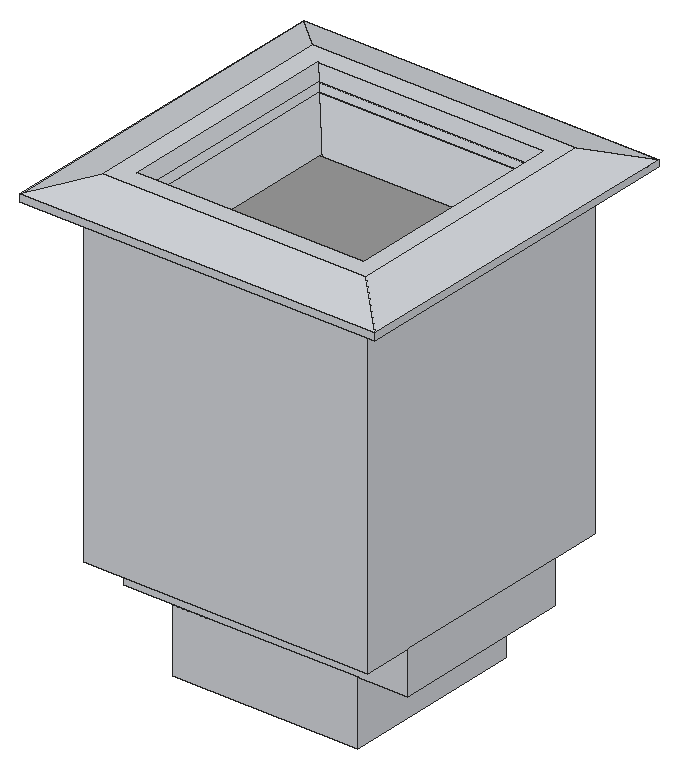
Revit family "2061326 Sylvania Lighting Fixture DOMINO 1xLED 930 BLACK MB TRIM WHITE DALI", category Lighting Fixtures, host Face, Revit 2018
Family settings
  Host = Face
  Round Connector Dimension = Use Diameter
  Part Type = Normal
  OmniClass Number = 23.80.70.00
  OmniClass Title = Lighting
  Cut with Voids When Loaded = No
  Light Source = Yes
  Shared = No
  Room Calculation Point = No
Parameters (values of type "2061326 DOMINO 1XLED 930 BLACK MB TR WHT DALI")
  top top width = 15.812 mm
  top top length = 26 mm
  Width = 50 mm
  Weight = "n/a"
  Wattage Comments = ""
  Wattage = 9.2903 W
  WarrantyStartDate [instance] = "n/a"
  WarrantyGuarantorParts = "n/a"
  WarrantyDurationUnit = "n/a"
  WarrantyDurationParts = ""
  WarrantyDescription = "http://www.sylvania-lighting.com"
  built-in parameter 1150110 = 1 (stored number, unit not read)
  Voltage = 0 V
  URL = "0.96"
  TypeName = "DOMINO 1xLED 930 BLACK MB TRIM WHITE DALI"
  Type Image = <None>
  Type Comments = "n/a"
  built-in parameter 1114217 = 1 (stored number, unit not read)
  Top Width = 26 mm
  Tilt Angle = 90.00°
  built-in parameter 1150109 = 1 (stored number, unit not read)
  built-in parameter 1150134 = 3
  built-in parameter 1150113 = 1 (stored number, unit not read)
  SerialNumber [instance] = "n/a"
  Recessed Width = 43 mm
  Recessed Length = 43 mm
  Photometric Web File = "2061326.ies"
  Material_3_FEILO = none
  PowerFactor = 0
  PowerConsumption = "Lighting"
  NominalLength = 50 mm
  NominalHeight = 0 mm
  NominalDepth = 0 mm
  Name = "DOMINO 1xLED 930 BLACK MB TRIM WHITE DALI"
  ModelReference = Name  # "DOMINO 1xLED 930 BLACK MB TRIM WHITE DALI"
  ModelNumber = "2061326"
  Model = Name  # "DOMINO 1xLED 930 BLACK MB TRIM WHITE DALI"
  Material = "Feilo Sylvania"
  ManufacturerName = "44 lm/W"
  Manufacturer = ""
  LuminousEfficacy = ""
  built-in parameter 1150105 = 109.82 (stored number, unit not read)
  Lumens = 1380 lm
  LuminaireType = "0"
  built-in parameter 1150115 = 1 (stored number, unit not read)
  LightOutputRatio = "LED"
  built-in parameter 1150137 = (empty or 0)
  built-in parameter 1150139 = (empty or 0)
  Lens inside recess = 25 mm
  Lens Width = 32 mm
  Lens Outside recess = 31.978 mm
  Lens = Glass, White, High Luminance
  Length = 50 mm
  LampsType = Lamp  # "n/a"
  LampNominalLuminous = "3000 K"
  LampMacAdamStep = "90"
  LampColourTemperature = "LED"
  LampColourRenderingIndex = "16500"
  built-in parameter 1150112 = 1 (stored number, unit not read)
  built-in parameter 1150114 = 1 (stored number, unit not read)
  Lamp = "n/a"
  Keynote = "n/a"
  InstallationDate [instance] = "n/a"
  InputVoltage = "0"
  InputNominalFrequency = "3000"
  built-in parameter 1150132 = (empty or 0)
  built-in parameter 1150102 = (empty or 0)
  built-in parameter 1150107 = 3200 (stored number, unit not read)
  built-in parameter 1150138 = (empty or 0)
  IngressProtection = "IfcLightFixtureType"
  ImpactProtectionIndex = "IfcLightFixtureType"
  built-in parameter 1150106 = 1.0982 (stored number, unit not read)
  IfcExportType = "IfcLightFixtureType"
  IfcExportAs = "Class II"
  Facia internal width = 37 mm
  Facia internal length = 37 mm
  Facia Height = 2 mm
  ExpectedLife = 50000
  Emit from Circle Diameter = 609.6 mm
  Emit Shape Visible in Rendering = no
  ElectricShockClassification = "44"
  built-in parameter 1150104 = 13.8 (stored number, unit not read)
  DurationUnit = "hours"
  DocumentationLiterature = "http://www.sylvania-lighting.com/product/en-int/products/2061326"
  DimmingControlOptions = "n/a"
  Material_2_FEILO = none
  Dimming Lamp Color Temperature Shift = <None>
  Description = "Modular LED recessed linear spotlight, ideal for retail and hospitality applications. Die-cast aluminium body, passive cooling. Two levels of reflector installation, low glaring UGR<16. 1x LED source, 30° beam angle , optics: PMMA lens and polycarbonate reflector combination, Black matt reflector finish. Light color temperature: 3000K warm white, total system power: 4W , total fixture lumen output: 175lm, efficacy: 44 lm/W, Ra90 typical, LED chromacity: 3 step MacAdam ellipse (SDCM3), lifespan: 96,000 hours at 90% of the original output (L90B10), IR/UV free light source without heat radiation, operating voltage: 220-240V / 50-60Hz, electronic driver, ultra low flicker, DALI , electrical protection: Class II. Degree of Protection: IP40/IP20, suitable for indoor environment only. Ceiling cut-out: 43x43mm, outer dimensions:  50x50mm trim frame RAL 9016 - Traffic white / Bezel color.5 years Warranty."
  Default Elevation = 1219.2 mm
  CreatedOn = "09/02/2021"
  CreatedBy = "@sylvania-lighting.com"
  Cost = 0
  Color Filter = 16777215
  built-in parameter 1114216 [instance] = (empty or 0)
  ClassificationValue = "EF_70_80"
  ClassificationName = "Uniclass2015"
  Material_1_FEILO = none
  Body Width = 40 mm
  Body Length = 40 mm
  BarCode [instance] = "n/a"
  built-in parameter 1114218 = 1 (stored number, unit not read)
  built-in parameter 1150133 = 10 (stored number, unit not read)
  AssetType = "Fixed"
  AssetIdentifier [instance] = "n/a"
  Assembly Code = "D5020200"
  Apparent Load = 4 VA
  Material_4_FEILO = none
Reference planes
  plane 1 "Center (Front/Back)": y = 0
  plane 2: z = 0
  plane 3 "Center (Left/Right)": x = 0
  plane 4: z = 0
  plane 5: z = -7
  plane 6: z = -45.895
  plane 7: z = -51.895
  plane 8: z = -60.895
  plane 9: x = -21.5
  plane 10: x = 21.5
  plane 11: y = 21.5
  plane 12: y = -21.5
  plane 13: x = -25
  plane 14: x = 25
  plane 15: y = 25
  plane 16: y = -25
  plane 17: x = 18.5
  plane 18: x = -18.5
  plane 19: y = 18.5
  plane 20: y = -18.5
  plane 21: z = 2
  plane 22: x = -20
  plane 23: x = 20
  plane 24: y = 20
  plane 25: y = -20
  plane 26: y = 13
  plane 27: y = -13
  plane 28: y = 16
  plane 29: y = -16
  plane 30: x = 13
  plane 31: x = -13
  plane 32: x = -15.772
  plane 33: x = 16.206
  plane 34: y = 12.5
  plane 35: y = -12.5
  plane 36: x = -12.5
  plane 37: x = 12.5
Forms (mm)
  Extrusion 1, solid, not visible, detail levels medium+fine
    sketch origin (4.2, 0, 0) x (1, 0, 0) y (0, 1, 0)
      loop
        line (-29.2, 34.5) -> (-29.2, -34.5) -> (20.8, -34.5) -> (20.8, 34.5) -> (-29.2, 34.5)
    from 0 to 1
  Extrusion 2, solid, not visible, detail levels medium+fine
    sketch origin (4.044, 0, 0) x (1, 0, 0) y (0, 1, 0)
      loop
        line (-29.2, 34.5) -> (-29.2, -34.5) -> (20.8, -34.5) -> (20.8, 34.5) -> (-29.2, 34.5)
    from 0 to 1
  Blend 3, solid, not visible, detail levels medium+fine
    base sketch origin (4.2, 0, 0) x (1, 0, 0) y (0, 1, 0)
      loop
        line (-29.2, 34.5) -> (-29.2, -34.5) -> (20.8, -34.5) -> (20.8, 34.5) -> (-29.2, 34.5)
    top sketch origin (4.2, 0, 0) x (1, 0, 0) y (0, 1, 0)
      loop
        line (-21.7, 28) -> (-21.7, -28) -> (13.3, -28) -> (13.3, 28) -> (-21.7, 28)
    from 1 to 3
  Extrusion 4, solid, not visible, detail levels medium+fine
    sketch origin (3.419, 0, 0) x (1, 0, 0) y (0, 1, 0)
      loop
        line (-29.2, 34.5) -> (-29.2, -34.5) -> (20.8, -34.5) -> (20.8, 34.5) -> (-29.2, 34.5)
    from 0 to 1
  Blend 5, solid, not visible, detail levels medium+fine
    base sketch origin (3.575, 0, 0) x (1, 0, 0) y (0, 1, 0)
      loop
        line (-29.2, 34.5) -> (-29.2, -34.5) -> (20.8, -34.5) -> (20.8, 34.5) -> (-29.2, 34.5)
    top sketch origin (3.575, 0, 0) x (1, 0, 0) y (0, 1, 0)
      loop
        line (-21.7, 28) -> (-21.7, -28) -> (13.3, -28) -> (13.3, 28) -> (-21.7, 28)
    from 1 to 3
  Extrusion 6, solid, not visible, detail levels medium+fine
    sketch origin (4.247, 0, 0) x (1, 0, 0) y (0, 1, 0)
      loop
        line (-29.2, 34.5) -> (-29.2, -34.5) -> (20.8, -34.5) -> (20.8, 34.5) -> (-29.2, 34.5)
    from 0 to 1
  Blend 7, solid, not visible, detail levels medium+fine
    base sketch origin (4.403, 0, 0) x (1, 0, 0) y (0, 1, 0)
      loop
        line (-29.2, 34.5) -> (-29.2, -34.5) -> (20.8, -34.5) -> (20.8, 34.5) -> (-29.2, 34.5)
    top sketch origin (4.403, 0, 0) x (1, 0, 0) y (0, 1, 0)
      loop
        line (-21.7, 28) -> (-21.7, -28) -> (13.3, -28) -> (13.3, 28) -> (-21.7, 28)
    from 1 to 3
  Extrusion 8, void, detail levels medium+fine
    sketch origin (4.2, 0, 0) x (0, 1, 0) y (1, 0, 0)
      loop
        line (21.5, -25.7) -> (21.5, 17.3) -> (-21.5, 17.3) -> (-21.5, -25.7) -> (21.5, -25.7)
    from -9.934 to 83.097
  Extrusion 9, solid, detail levels medium+fine
    sketch origin (4.2, 0, 0) x (1, 0, 0) y (0, 1, 0)
      loop
        line (-29.2, 25) -> (-29.2, -25) -> (20.8, -25) -> (20.8, 25) -> (-29.2, 25)
    from 0 to 1
  Extrusion 10, solid, detail levels medium+fine
    sketch origin (4.2, 0, 0) x (1, 0, 0) y (0, 1, 0)
      loop
        line (-24.2, 20) -> (-24.2, -20) -> (15.8, -20) -> (15.8, 20) -> (-24.2, 20)
    from 0 to -45.895
  Extrusion 11, solid, detail levels medium+fine
    sketch origin (4.2, 0, 0) x (1, 0, 0) y (0, 1, 0)
      loop
        line (-24.2, 13) -> (-24.2, -13) -> (15.8, -13) -> (15.8, 13) -> (-24.2, 13)
    from -51.895 to -45.895
  Extrusion 12, solid, material "Glass, White, High Luminance" <- "Lens", detail levels fine
    sketch origin (13.547, 1218.849, 36.156) x (1, 0, 0) y (0, 1, 0)
      loop
        line (-26.047, -1206.7) -> (-26.047, -1231.7) -> (-1.047, -1231.7) -> (-1.047, -1206.7) -> (-26.047, -1206.7)
    from -43.156 to -42.182
  Blend 13, solid, detail levels medium+fine
    base sketch origin (4.2, 0, 0) x (1, 0, 0) y (0, 1, 0)
      loop
        line (-29.2, 25) -> (-29.2, -25) -> (20.8, -25) -> (20.8, 25) -> (-29.2, 25)
    top sketch origin (4.2, 0, 0) x (1, 0, 0) y (0, 1, 0)
      loop
        line (-22.7, 18.5) -> (-22.7, -18.5) -> (14.3, -18.5) -> (14.3, 18.5) -> (-22.7, 18.5)
    from 1 to 3
  Extrusion 14, solid, detail levels fine
    sketch origin (0, 0, 0) x (1, 0, 0) y (0, 0, 1)
      loop
        line (-13, -51.895) -> (-13, -60.895) -> (13, -60.895) -> (13, -51.895) -> (-13, -51.895)
    from -13 to 13
  Blend 15, void, detail levels medium+fine
    base sketch origin (4.2, 0, 0) x (0, 1, 0) y (-1, 0, 0)
      loop
        line (16, 19.972) -> (-16, 19.972) -> (-16, -12.006) -> (16, -12.006) -> (16, 19.972)
    top sketch origin (4.2, 0, 0) x (0, 1, 0) y (-1, 0, 0)
      loop
        line (12.5, 16.7) -> (-12.5, 16.7) -> (-12.5, -8.3) -> (12.5, -8.3) -> (12.5, 16.7)
    from 3 to -7
  Extrusion 16, solid, detail levels coarse
    sketch origin (4.2, 0, 0) x (1, 0, 0) y (0, 1, 0)
      loop
        line (-29.2, 25) -> (-29.2, -25) -> (20.8, -25) -> (20.8, 25) -> (-29.2, 25)
    from 3 to -60.895
Cuts and joins
  Blend 15 cuts Extrusion 9
  Blend 15 cuts Extrusion 10
  Blend 15 cuts Blend 13
Dimensions and locks
  "Recessed Length": plane 9 to plane 10
  equal spacing: plane 9, plane 3 "Center (Left/Right)", plane 10
  "Length": plane 13 to plane 14
  equal spacing: plane 13, plane 3 "Center (Left/Right)", plane 14
  "Recessed Width": plane 11 to plane 12
  equal spacing: plane 11, plane 1 "Center (Front/Back)", plane 12
  "Width": plane 15 to plane 16
  equal spacing: plane 15, plane 1 "Center (Front/Back)", plane 16
  "Facia internal length": plane 18 to plane 17
  equal spacing: plane 18, plane 3 "Center (Left/Right)", plane 17
  "Facia internal width": plane 19 to plane 20
  equal spacing: plane 19, plane 1 "Center (Front/Back)", plane 20
  "Facia Height": plane 21 to host face
  "Body Length": plane 22 to plane 23
  equal spacing: plane 22, plane 3 "Center (Left/Right)", plane 23
  "Body Width": plane 24 to plane 25
  equal spacing: plane 24, plane 1 "Center (Front/Back)", plane 25
  "Top Width": plane 26 to plane 27
  equal spacing: plane 26, plane 1 "Center (Front/Back)", plane 27
  "Lens Width": plane 28 to plane 29
  equal spacing: plane 28, plane 1 "Center (Front/Back)", plane 29
  "top top length": plane 31 to plane 30
  equal spacing: plane 31, plane 3 "Center (Left/Right)", plane 30  (x2)
  plane 30 to plane 31 = 26 mm
  equal spacing: plane 30, plane 3 "Center (Left/Right)", plane 31
  "Lens Outside recess": plane 32 to plane 33
  "Lens inside recess": plane 34 to plane 35
  equal spacing: plane 34, plane 1 "Center (Front/Back)", plane 35
  aligned and locked: plane 2 to host face
  aligned and locked: level to host face
  aligned and locked: Extrusion 11 to plane 7
  aligned and locked: Extrusion 10 to plane 6
  aligned and locked: cut or joined group of Blend 13, Blend 15 to Blend 15
Automatic sketch dimensions
  host sketch curve to host sketch curve = 2438.4 mm  (x2)
  Extrusion 1 sketch curve to Extrusion 1 sketch curve = 50 mm
  Extrusion 1 sketch curve to Extrusion 1 sketch curve = 69 mm
  Extrusion 2 sketch curve to Extrusion 2 sketch curve = 50 mm
  Extrusion 2 sketch curve to Extrusion 2 sketch curve = 69 mm
  Blend 3 sketch curve to Blend 3 sketch curve = 50 mm
  Blend 3 sketch curve to Blend 3 sketch curve = 69 mm
  Blend 3 sketch curve to Blend 3 sketch curve = 35 mm
  Blend 3 sketch curve to Blend 3 sketch curve = 56 mm
  Extrusion 4 sketch curve to Extrusion 4 sketch curve = 50 mm
  Extrusion 4 sketch curve to Extrusion 4 sketch curve = 69 mm
  Blend 5 sketch curve to Blend 5 sketch curve = 50 mm
  Blend 5 sketch curve to Blend 5 sketch curve = 69 mm
  Blend 5 sketch curve to Blend 5 sketch curve = 35 mm
  Blend 5 sketch curve to Blend 5 sketch curve = 56 mm
  Extrusion 6 sketch curve to Extrusion 6 sketch curve = 50 mm
  Extrusion 6 sketch curve to Extrusion 6 sketch curve = 69 mm
  Blend 7 sketch curve to Blend 7 sketch curve = 50 mm
  Blend 7 sketch curve to Blend 7 sketch curve = 69 mm
  Blend 7 sketch curve to Blend 7 sketch curve = 35 mm
  Blend 7 sketch curve to Blend 7 sketch curve = 56 mm
  plane 9 to Extrusion 8 sketch curve = 0 mm
  Extrusion 8 sketch curve to plane 12 = 0 mm
  Extrusion 8 sketch curve to plane 11 = 0 mm
  Extrusion 8 sketch curve to plane 10 = 0 mm
  plane 13 to Extrusion 9 sketch curve = 0 mm
  plane 14 to Extrusion 9 sketch curve = 0 mm
  Extrusion 9 sketch curve to plane 16 = 0 mm
  Extrusion 9 sketch curve to plane 15 = 0 mm
  Extrusion 10 sketch curve to plane 22 = 0 mm
  Extrusion 10 sketch curve to plane 23 = 0 mm
  Extrusion 10 sketch curve to plane 25 = 0 mm
  Extrusion 10 sketch curve to plane 24 = 0 mm
  Extrusion 11 sketch curve to plane 22 = 0 mm
  Extrusion 11 sketch curve to plane 23 = 0 mm
  Extrusion 11 sketch curve to plane 27 = 0 mm
  Extrusion 11 sketch curve to plane 26 = 0 mm
  Extrusion 12 sketch curve to plane 11 = 9.351 mm
  plane 1 "Center (Front/Back)" to Extrusion 12 sketch curve = 12.851 mm
  plane 18 to Extrusion 12 sketch curve = 6 mm
  Blend 13 sketch curve to plane 13 = 0 mm
  Blend 13 sketch curve to plane 14 = 0 mm
  Blend 13 sketch curve to plane 16 = 0 mm
  Blend 13 sketch curve to plane 15 = 0 mm
  Blend 13 sketch curve to plane 18 = 0 mm
  Blend 13 sketch curve to plane 17 = 0 mm
  Blend 13 sketch curve to plane 20 = 0 mm
  Blend 13 sketch curve to plane 19 = 0 mm
  Extrusion 12 sketch curve to Extrusion 12 sketch curve = 25 mm
  Extrusion 14 sketch curve to plane 8 = 0 mm
  Extrusion 14 sketch curve to plane 31 = 0 mm
  Extrusion 14 sketch curve to plane 30 = 0 mm
  Extrusion 14 sketch curve to plane 7 = 0 mm
  Blend 15 sketch curve to plane 29 = 0 mm
  Blend 15 sketch curve to plane 28 = 0 mm
  Blend 15 sketch curve to plane 33 = 0 mm
  Blend 15 sketch curve to plane 32 = 0 mm
  Blend 15 sketch curve to plane 35 = 0 mm
  Blend 15 sketch curve to plane 34 = 0 mm
  Blend 15 sketch curve to plane 37 = 0 mm
  Blend 15 sketch curve to plane 36 = 0 mm
  Extrusion 16 sketch curve to plane 13 = 0 mm
  Extrusion 16 sketch curve to plane 14 = 0 mm
  Extrusion 16 sketch curve to plane 16 = 0 mm
  Extrusion 16 sketch curve to plane 15 = 0 mm
Connectors
  electrical at (0, 0, -60.895)
    settings: on Extrusion 14, index 1, voltage 0 V, apparent load 0 VA, apparent load phase1 0 VA, apparent load phase2 0 VA, apparent load phase3 0 VA, power factor 1, load classification "Other", number of poles 1, system type 31, power factor state 1, is connector primary yes, connector utility no, sub classification motor no, connector description ""
